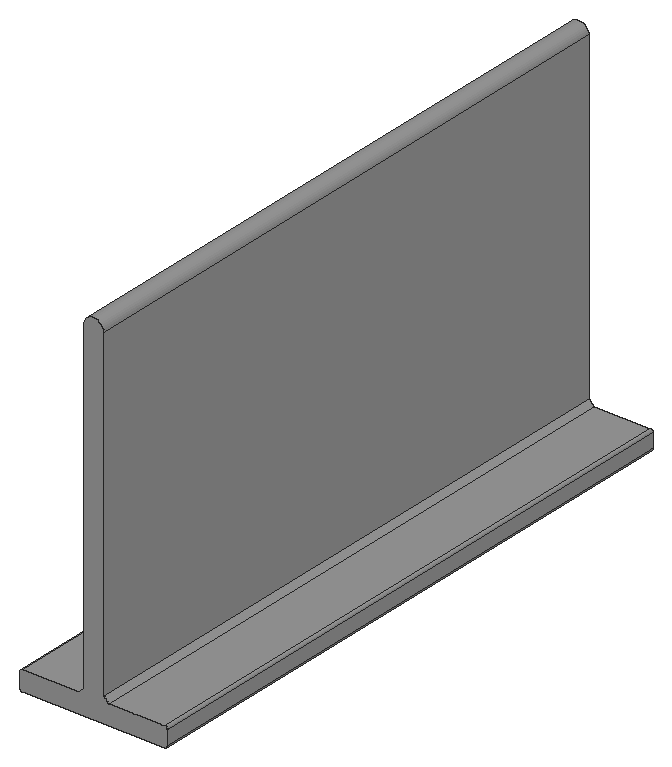
Revit family "ROTHOB_Rothoblaas_Plate_Alumini", category Structural Connections, host Face, Revit 2020
Family settings
  Host = Face
  Material for Model Behavior = Other
  OmniClass Number = 23.13.23.11.19.13
  OmniClass Title = Wood Connectors
  Enable cutting in views = Yes
  Cut with Voids When Loaded = No
  Shared = No
Parameters (values of type "ALUMINI185_185x45x109.90mm")
  WarrantyStartDate [instance] = ""
  WarrantyGuarantorParts = "n/a"  # constant formula
  WarrantyGuarantorLabor = "n/a"  # constant formula
  WarrantyDurationUnit = "n/a"  # constant formula
  WarrantyDurationParts = "n/a"  # constant formula
  WarrantyDurationLabor = "n/a"  # constant formula
  WarrantyDescription = "n/a"  # constant formula
  Version = "2"  # constant formula
  UniClass2015Version = "Products v1.33"  # constant formula
  UniClass2015Title = "Aluminium structural sections"  # constant formula
  UniClass2015Code = "Pr_20_76_51_07"  # constant formula
  Tipo IFC predefinito = "USERDEFINED"  # constant formula
  Thickness_s = 6.00 mm  # constant formula
  SustainabilityPerformance = "n/a"  # constant formula
  Size = "185x45x109.90 mm"
  Shape = "Three-dimensional"  # constant formula
  Revision = "1"  # constant formula
  ReplacementCost = "n/a"  # constant formula
  Default Elevation = 1219.20 mm
  ProductInformation = "https://www.rothoblaas.com/products/fastening/brackets-and-plates/concealed-connections/alumini"  # constant formula
  OmniClassVersion = "2012-05-16"  # constant formula
  OmniClassTitle = "Wood Connectors"  # constant formula
  OmniClassCode = "23-13 23 11 19 13"  # constant formula
  ObjectMaterial = ROTHOB_Rothoblaas_Aluminium
  NominalWidth = WingWidth_LA  # 45.00 mm
  NominalLength = WebLength_LB  # 109.90 mm
  NominalHeight = Height_H  # 185.00 mm
  InstallationDate [instance] = ""
  Height_H = 185.00 mm
  Name = "Plate"  # constant formula
  ModelReference = "n/a"  # constant formula
  ModelNumber = "ALUMINI185"
  ModelDisclaimer = "The latest version of the data sheets can be found on our website"  # constant formula
  MinWeight = "0.416 kg"
  Material = "Aluminium"  # constant formula
  ManufacturerURL = "www.rothoblaas.com"  # constant formula
  ManufacturerName = "ROTHO BLAAS SRL"  # constant formula
  Manufacturer = "info@rothoblaas.com"  # constant formula
  IfcExportType = "USERDEFINED"  # constant formula
  IfcExportAs = "IfcMemberType"  # constant formula
  WingWidth_LA = 45.00 mm  # constant formula
  HasHole_ALUMINI95 = no
  HasHole_ALUMINI65 = no
  HasHole_ALUMINI215 = no
  HasHole_ALUMINI185 = yes
  HasHole_ALUMINI155 = no
  HasHole_ALUMINI125 = no
  Grade = "n/a"  # constant formula
  Finish = "n/a"  # constant formula
  Features = "Bracket for timber-to-timber, timber-to-concrete, timber-to-steel joints"  # constant formula
  ExpectedLife = "50"  # constant formula
  Esporta tipo in formato IFC con nome = "IfcMemberType"  # constant formula
  DurationUnit = "Years"  # constant formula
  Description = "Concealed bracket without holes"  # constant formula
  WebLength_LB = 109.90 mm  # constant formula
  Constituents = "n/a"  # constant formula
  Color = "Silver"  # constant formula
  CodePerformance = "CE - Construction products"  # constant formula
  Category = "Pr_20_76_51_07: Aluminium structural sections"  # constant formula
  CETitle = "n/a"  # constant formula
  CECode = "ETA-09/0361"  # constant formula
  BIMObjectName = "ROTHOB_Rothoblaas_Plate_Alumini"  # constant formula
  Author = "Vitor Ferronato"  # constant formula
  AssetType = "n/a"  # constant formula
  AccessibilityPerformance = "n/a"  # constant formula
Reference planes
  plane 1 "Centro (Fronte/Retro)": y = 0
  plane 2: z = 0
  plane 3 "Centro (Sinistra/Destra)": x = 0
  plane 4: x = -3
  plane 5: x = 3
  plane 6: x = -22.5
  plane 7: x = 22.5
  plane 8: z = 109.9
  plane 9: z = 6
  plane 10: y = -92.5
  plane 11: y = 92.5
Forms (mm)
  Extrusion 1, solid, material "ROTHOB_Rothoblaas_Aluminium" <- "ObjectMaterial", detail levels fine
    sketch origin (0, 0, 0) x (1, 0, 0) y (0, 0, 1)
      loop
        arc (3, 106.906) -> (0, 109.906) -> (-3, 106.906) r 3
        line (-3, 106.906) -> (-3, 7.5) -> (-4.5, 6) -> (-21.7, 6)
        arc (-21.7, 6) -> (-22.266, 5.766) -> (-22.5, 5.2) r 0.8
        line (-22.5, 5.2) -> (-22.5, 0.8)
        arc (-22.5, 0.8) -> (-22.266, 0.234) -> (-21.7, 0) r 0.8
        line (-21.7, 0) -> (21.7, 0)
        arc (21.7, 0) -> (22.266, 0.234) -> (22.5, 0.8) r 0.8
        line (22.5, 0.8) -> (22.5, 5.2)
        arc (22.5, 5.2) -> (22.266, 5.766) -> (21.7, 6) r 0.8
        line (21.7, 6) -> (4.5, 6) -> (3, 7.5) -> (3, 106.906)
    from -92.5 to 92.5
Lines and regions (mm)
  model lines, visible <- "HasHole_ALUMINI65", detail levels medium+fine
    curve 1: circle (-12.5, 15, 6) r 3.5 normal (0, 0, 1)
    curve 2: circle (12.5, 22.5, 6) r 3.5 normal (0, 0, 1)
    curve 3: circle (-12.5, 0, 6) r 3.5 normal (0, 0, 1)
    curve 4: circle (-12.5, -15, 6) r 3.5 normal (0, 0, 1)
    curve 5: circle (12.5, 7.5, 6) r 3.5 normal (0, 0, 1)
    curve 6: circle (12.5, -7.5, 6) r 3.5 normal (0, 0, 1)
    curve 7: circle (12.5, -22.5, 6) r 3.5 normal (0, 0, 1)
  model lines, visible <- "HasHole_ALUMINI65", not visible, detail levels medium+fine
    curve 8: circle (-12.5, 15, 6) r 3.5 normal (0, 0, 1)
    curve 9: circle (12.5, 22.5, 6) r 3.5 normal (0, 0, 1)
    curve 10: circle (-12.5, 0, 6) r 3.5 normal (0, 0, 1)
    curve 11: circle (-12.5, -15, 6) r 3.5 normal (0, 0, 1)
    curve 12: circle (12.5, 7.5, 6) r 3.5 normal (0, 0, 1)
    curve 13: circle (12.5, -7.5, 6) r 3.5 normal (0, 0, 1)
    curve 14: circle (12.5, -22.5, 6) r 3.5 normal (0, 0, 1)
  model lines, visible <- "HasHole_ALUMINI95", detail levels medium+fine
    curve 15: circle (-12.5, 30, 6) r 3.5 normal (0, 0, 1)
    curve 16: circle (-12.5, 15, 6) r 3.5 normal (0, 0, 1)
    curve 17: circle (-12.5, 0, 6) r 3.5 normal (0, 0, 1)
    curve 18: circle (-12.5, -15, 6) r 3.5 normal (0, 0, 1)
    curve 19: circle (-12.5, -30, 6) r 3.5 normal (0, 0, 1)
    curve 20: circle (12.5, 37.5, 6) r 3.5 normal (0, 0, -1)
    curve 21: circle (12.5, 22.5, 6) r 3.5 normal (0, 0, -1)
    curve 22: circle (12.5, 7.5, 6) r 3.5 normal (0, 0, -1)
    curve 23: circle (12.5, -7.5, 6) r 3.5 normal (0, 0, -1)
    curve 24: circle (12.5, -22.5, 6) r 3.5 normal (0, 0, -1)
    curve 25: circle (12.5, -37.5, 6) r 3.5 normal (0, 0, -1)
  model lines, visible <- "HasHole_ALUMINI95", not visible, detail levels medium+fine
    curve 26: circle (-12.5, 30, 6) r 3.5 normal (0, 0, 1)
    curve 27: circle (-12.5, 15, 6) r 3.5 normal (0, 0, 1)
    curve 28: circle (-12.5, 0, 6) r 3.5 normal (0, 0, 1)
    curve 29: circle (-12.5, -15, 6) r 3.5 normal (0, 0, 1)
    curve 30: circle (-12.5, -30, 6) r 3.5 normal (0, 0, 1)
    curve 31: circle (12.5, 37.5, 6) r 3.5 normal (0, 0, -1)
    curve 32: circle (12.5, 22.5, 6) r 3.5 normal (0, 0, -1)
    curve 33: circle (12.5, 7.5, 6) r 3.5 normal (0, 0, -1)
    curve 34: circle (12.5, -7.5, 6) r 3.5 normal (0, 0, -1)
    curve 35: circle (12.5, -22.5, 6) r 3.5 normal (0, 0, -1)
    curve 36: circle (12.5, -37.5, 6) r 3.5 normal (0, 0, -1)
  model lines, visible <- "HasHole_ALUMINI125", detail levels medium+fine
    curve 37: circle (-12.5, 45, 6) r 3.5 normal (0, 0, 1)
    curve 38: circle (-12.5, 30, 6) r 3.5 normal (0, 0, 1)
    curve 39: circle (-12.5, 15, 6) r 3.5 normal (0, 0, 1)
    curve 40: circle (-12.5, 0, 6) r 3.5 normal (0, 0, 1)
    curve 41: circle (-12.5, -15, 6) r 3.5 normal (0, 0, 1)
    curve 42: circle (-12.5, -30, 6) r 3.5 normal (0, 0, 1)
    curve 43: circle (-12.5, -45, 6) r 3.5 normal (0, 0, 1)
    curve 44: circle (12.5, 52.5, 6) r 3.5 normal (0, 0, 1)
    curve 45: circle (12.5, 37.5, 6) r 3.5 normal (0, 0, 1)
    curve 46: circle (12.5, 22.5, 6) r 3.5 normal (0, 0, 1)
    curve 47: circle (12.5, 7.5, 6) r 3.5 normal (0, 0, 1)
    curve 48: circle (12.5, -7.5, 6) r 3.5 normal (0, 0, 1)
    curve 49: circle (12.5, -22.5, 6) r 3.5 normal (0, 0, 1)
    curve 50: circle (12.5, -37.5, 6) r 3.5 normal (0, 0, 1)
    curve 51: circle (12.5, -52.5, 6) r 3.5 normal (0, 0, 1)
  model lines, visible <- "HasHole_ALUMINI125", not visible, detail levels medium+fine
    curve 52: circle (-12.5, 45, 6) r 3.5 normal (0, 0, 1)
    curve 53: circle (-12.5, 30, 6) r 3.5 normal (0, 0, 1)
    curve 54: circle (-12.5, 15, 6) r 3.5 normal (0, 0, 1)
    curve 55: circle (-12.5, 0, 6) r 3.5 normal (0, 0, 1)
    curve 56: circle (-12.5, -15, 6) r 3.5 normal (0, 0, 1)
    curve 57: circle (-12.5, -30, 6) r 3.5 normal (0, 0, 1)
    curve 58: circle (-12.5, -45, 6) r 3.5 normal (0, 0, 1)
    curve 59: circle (12.5, 52.5, 6) r 3.5 normal (0, 0, 1)
    curve 60: circle (12.5, 37.5, 6) r 3.5 normal (0, 0, 1)
    curve 61: circle (12.5, 22.5, 6) r 3.5 normal (0, 0, 1)
    curve 62: circle (12.5, 7.5, 6) r 3.5 normal (0, 0, 1)
    curve 63: circle (12.5, -7.5, 6) r 3.5 normal (0, 0, 1)
    curve 64: circle (12.5, -22.5, 6) r 3.5 normal (0, 0, 1)
    curve 65: circle (12.5, -37.5, 6) r 3.5 normal (0, 0, 1)
    curve 66: circle (12.5, -52.5, 6) r 3.5 normal (0, 0, 1)
  model lines, visible <- "HasHole_ALUMINI155", detail levels medium+fine
    curve 67: circle (-12.5, 60, 6) r 3.5 normal (0, 0, 1)
    curve 68: circle (-12.5, 45, 6) r 3.5 normal (0, 0, 1)
    curve 69: circle (-12.5, 30, 6) r 3.5 normal (0, 0, 1)
    curve 70: circle (-12.5, 15, 6) r 3.5 normal (0, 0, 1)
    curve 71: circle (-12.5, 0, 6) r 3.5 normal (0, 0, 1)
    curve 72: circle (-12.5, -15, 6) r 3.5 normal (0, 0, 1)
    curve 73: circle (-12.5, -30, 6) r 3.5 normal (0, 0, 1)
    curve 74: circle (-12.5, -45, 6) r 3.5 normal (0, 0, 1)
    curve 75: circle (-12.5, -60, 6) r 3.5 normal (0, 0, 1)
    curve 76: circle (12.5, 67.5, 6) r 3.5 normal (0, 0, 1)
    curve 77: circle (12.5, 52.5, 6) r 3.5 normal (0, 0, 1)
    curve 78: circle (12.5, 37.5, 6) r 3.5 normal (0, 0, 1)
    curve 79: circle (12.5, 22.5, 6) r 3.5 normal (0, 0, 1)
    curve 80: circle (12.5, 7.5, 6) r 3.5 normal (0, 0, 1)
    curve 81: circle (12.5, -7.5, 6) r 3.5 normal (0, 0, 1)
    curve 82: circle (12.5, -22.5, 6) r 3.5 normal (0, 0, 1)
    curve 83: circle (12.5, -37.5, 6) r 3.5 normal (0, 0, 1)
    curve 84: circle (12.5, -52.5, 6) r 3.5 normal (0, 0, 1)
    curve 85: circle (12.5, -67.5, 6) r 3.5 normal (0, 0, 1)
  model lines, visible <- "HasHole_ALUMINI155", not visible, detail levels medium+fine
    curve 86: circle (-12.5, 60, 6) r 3.5 normal (0, 0, 1)
    curve 87: circle (-12.5, 45, 6) r 3.5 normal (0, 0, 1)
    curve 88: circle (-12.5, 30, 6) r 3.5 normal (0, 0, 1)
    curve 89: circle (-12.5, 15, 6) r 3.5 normal (0, 0, 1)
    curve 90: circle (-12.5, 0, 6) r 3.5 normal (0, 0, 1)
    curve 91: circle (-12.5, -15, 6) r 3.5 normal (0, 0, 1)
    curve 92: circle (-12.5, -30, 6) r 3.5 normal (0, 0, 1)
    curve 93: circle (-12.5, -45, 6) r 3.5 normal (0, 0, 1)
    curve 94: circle (-12.5, -60, 6) r 3.5 normal (0, 0, 1)
    curve 95: circle (12.5, 67.5, 6) r 3.5 normal (0, 0, 1)
    curve 96: circle (12.5, 52.5, 6) r 3.5 normal (0, 0, 1)
    curve 97: circle (12.5, 37.5, 6) r 3.5 normal (0, 0, 1)
    curve 98: circle (12.5, 22.5, 6) r 3.5 normal (0, 0, 1)
    curve 99: circle (12.5, 7.5, 6) r 3.5 normal (0, 0, 1)
    curve 100: circle (12.5, -7.5, 6) r 3.5 normal (0, 0, 1)
    curve 101: circle (12.5, -22.5, 6) r 3.5 normal (0, 0, 1)
    curve 102: circle (12.5, -37.5, 6) r 3.5 normal (0, 0, 1)
    curve 103: circle (12.5, -52.5, 6) r 3.5 normal (0, 0, 1)
    curve 104: circle (12.5, -67.5, 6) r 3.5 normal (0, 0, 1)
  model lines, visible <- "HasHole_ALUMINI185", detail levels medium+fine
    curve 105: circle (-12.5, 75, 6) r 3.5 normal (0, 0, 1)
    curve 106: circle (-12.5, 60, 6) r 3.5 normal (0, 0, 1)
    curve 107: circle (-12.5, 45, 6) r 3.5 normal (0, 0, 1)
    curve 108: circle (-12.5, 30, 6) r 3.5 normal (0, 0, 1)
    curve 109: circle (-12.5, 15, 6) r 3.5 normal (0, 0, 1)
    curve 110: circle (-12.5, 0, 6) r 3.5 normal (0, 0, 1)
    curve 111: circle (-12.5, -15, 6) r 3.5 normal (0, 0, 1)
    curve 112: circle (-12.5, -30, 6) r 3.5 normal (0, 0, 1)
    curve 113: circle (-12.5, -45, 6) r 3.5 normal (0, 0, 1)
    curve 114: circle (-12.5, -60, 6) r 3.5 normal (0, 0, 1)
    curve 115: circle (-12.5, -75, 6) r 3.5 normal (0, 0, 1)
    curve 116: circle (12.5, 82.5, 6) r 3.5 normal (0, 0, 1)
    curve 117: circle (12.5, 67.5, 6) r 3.5 normal (0, 0, 1)
    curve 118: circle (12.5, 52.5, 6) r 3.5 normal (0, 0, 1)
    curve 119: circle (12.5, 37.5, 6) r 3.5 normal (0, 0, 1)
    curve 120: circle (12.5, 22.5, 6) r 3.5 normal (0, 0, 1)
    curve 121: circle (12.5, 7.5, 6) r 3.5 normal (0, 0, 1)
    curve 122: circle (12.5, -7.5, 6) r 3.5 normal (0, 0, 1)
    curve 123: circle (12.5, -22.5, 6) r 3.5 normal (0, 0, 1)
    curve 124: circle (12.5, -37.5, 6) r 3.5 normal (0, 0, 1)
    curve 125: circle (12.5, -52.5, 6) r 3.5 normal (0, 0, 1)
    curve 126: circle (12.5, -67.5, 6) r 3.5 normal (0, 0, 1)
    curve 127: circle (12.5, -82.5, 6) r 3.5 normal (0, 0, 1)
  model lines, visible <- "HasHole_ALUMINI215", detail levels medium+fine
    curve 128: circle (-12.5, 90, 6) r 3.5 normal (0, 0, 1)
    curve 129: circle (-12.5, 75, 6) r 3.5 normal (0, 0, 1)
    curve 130: circle (-12.5, 60, 6) r 3.5 normal (0, 0, 1)
    curve 131: circle (-12.5, 45, 6) r 3.5 normal (0, 0, 1)
    curve 132: circle (-12.5, 30, 6) r 3.5 normal (0, 0, 1)
    curve 133: circle (-12.5, 15, 6) r 3.5 normal (0, 0, 1)
    curve 134: circle (-12.5, 0, 6) r 3.5 normal (0, 0, 1)
    curve 135: circle (-12.5, -15, 6) r 3.5 normal (0, 0, 1)
    curve 136: circle (-12.5, -30, 6) r 3.5 normal (0, 0, 1)
    curve 137: circle (-12.5, -45, 6) r 3.5 normal (0, 0, 1)
    curve 138: circle (-12.5, -60, 6) r 3.5 normal (0, 0, 1)
    curve 139: circle (-12.5, -75, 6) r 3.5 normal (0, 0, 1)
    curve 140: circle (-12.5, -90, 6) r 3.5 normal (0, 0, 1)
    curve 141: circle (12.5, 97.5, 6) r 3.5 normal (0, 0, 1)
    curve 142: circle (12.5, 82.5, 6) r 3.5 normal (0, 0, 1)
    curve 143: circle (12.5, 67.5, 6) r 3.5 normal (0, 0, 1)
    curve 144: circle (12.5, 52.5, 6) r 3.5 normal (0, 0, 1)
    curve 145: circle (12.5, 37.5, 6) r 3.5 normal (0, 0, 1)
    curve 146: circle (12.5, 22.5, 6) r 3.5 normal (0, 0, 1)
    curve 147: circle (12.5, 7.5, 6) r 3.5 normal (0, 0, 1)
    curve 148: circle (12.5, -7.5, 6) r 3.5 normal (0, 0, 1)
    curve 149: circle (12.5, -22.5, 6) r 3.5 normal (0, 0, 1)
    curve 150: circle (12.5, -37.5, 6) r 3.5 normal (0, 0, 1)
    curve 151: circle (12.5, -52.5, 6) r 3.5 normal (0, 0, 1)
    curve 152: circle (12.5, -67.5, 6) r 3.5 normal (0, 0, 1)
    curve 153: circle (12.5, -82.5, 6) r 3.5 normal (0, 0, 1)
    curve 154: circle (12.5, -97.5, 6) r 3.5 normal (0, 0, 1)
  model lines, visible <- "HasHole_ALUMINI215", not visible, detail levels medium+fine
    curve 155: circle (-12.5, 90, 6) r 3.5 normal (0, 0, 1)
    curve 156: circle (-12.5, 75, 6) r 3.5 normal (0, 0, 1)
    curve 157: circle (-12.5, 60, 6) r 3.5 normal (0, 0, 1)
    curve 158: circle (-12.5, 45, 6) r 3.5 normal (0, 0, 1)
    curve 159: circle (-12.5, 30, 6) r 3.5 normal (0, 0, 1)
    curve 160: circle (-12.5, 15, 6) r 3.5 normal (0, 0, 1)
    curve 161: circle (-12.5, 0, 6) r 3.5 normal (0, 0, 1)
    curve 162: circle (-12.5, -15, 6) r 3.5 normal (0, 0, 1)
    curve 163: circle (-12.5, -30, 6) r 3.5 normal (0, 0, 1)
    curve 164: circle (-12.5, -45, 6) r 3.5 normal (0, 0, 1)
    curve 165: circle (-12.5, -60, 6) r 3.5 normal (0, 0, 1)
    curve 166: circle (-12.5, -75, 6) r 3.5 normal (0, 0, 1)
    curve 167: circle (-12.5, -90, 6) r 3.5 normal (0, 0, 1)
    curve 168: circle (12.5, 97.5, 6) r 3.5 normal (0, 0, 1)
    curve 169: circle (12.5, 82.5, 6) r 3.5 normal (0, 0, 1)
    curve 170: circle (12.5, 67.5, 6) r 3.5 normal (0, 0, 1)
    curve 171: circle (12.5, 52.5, 6) r 3.5 normal (0, 0, 1)
    curve 172: circle (12.5, 37.5, 6) r 3.5 normal (0, 0, 1)
    curve 173: circle (12.5, 22.5, 6) r 3.5 normal (0, 0, 1)
    curve 174: circle (12.5, 7.5, 6) r 3.5 normal (0, 0, 1)
    curve 175: circle (12.5, -7.5, 6) r 3.5 normal (0, 0, 1)
    curve 176: circle (12.5, -22.5, 6) r 3.5 normal (0, 0, 1)
    curve 177: circle (12.5, -37.5, 6) r 3.5 normal (0, 0, 1)
    curve 178: circle (12.5, -52.5, 6) r 3.5 normal (0, 0, 1)
    curve 179: circle (12.5, -67.5, 6) r 3.5 normal (0, 0, 1)
    curve 180: circle (12.5, -82.5, 6) r 3.5 normal (0, 0, 1)
    curve 181: circle (12.5, -97.5, 6) r 3.5 normal (0, 0, 1)
  model lines, visible <- "HasHole_ALUMINI185", not visible, detail levels medium+fine
    curve 182: circle (-12.5, 75, 6) r 3.5 normal (0, 0, 1)
    curve 183: circle (-12.5, 60, 6) r 3.5 normal (0, 0, 1)
    curve 184: circle (-12.5, 45, 6) r 3.5 normal (0, 0, 1)
    curve 185: circle (-12.5, 30, 6) r 3.5 normal (0, 0, 1)
    curve 186: circle (-12.5, 15, 6) r 3.5 normal (0, 0, 1)
    curve 187: circle (-12.5, 0, 6) r 3.5 normal (0, 0, 1)
    curve 188: circle (-12.5, -15, 6) r 3.5 normal (0, 0, 1)
    curve 189: circle (-12.5, -30, 6) r 3.5 normal (0, 0, 1)
    curve 190: circle (-12.5, -45, 6) r 3.5 normal (0, 0, 1)
    curve 191: circle (-12.5, -60, 6) r 3.5 normal (0, 0, 1)
    curve 192: circle (-12.5, -75, 6) r 3.5 normal (0, 0, 1)
    curve 193: circle (12.5, 82.5, 6) r 3.5 normal (0, 0, 1)
    curve 194: circle (12.5, 67.5, 6) r 3.5 normal (0, 0, 1)
    curve 195: circle (12.5, 52.5, 6) r 3.5 normal (0, 0, 1)
    curve 196: circle (12.5, 37.5, 6) r 3.5 normal (0, 0, 1)
    curve 197: circle (12.5, 22.5, 6) r 3.5 normal (0, 0, 1)
    curve 198: circle (12.5, 7.5, 6) r 3.5 normal (0, 0, 1)
    curve 199: circle (12.5, -7.5, 6) r 3.5 normal (0, 0, 1)
    curve 200: circle (12.5, -22.5, 6) r 3.5 normal (0, 0, 1)
    curve 201: circle (12.5, -37.5, 6) r 3.5 normal (0, 0, 1)
    curve 202: circle (12.5, -52.5, 6) r 3.5 normal (0, 0, 1)
    curve 203: circle (12.5, -67.5, 6) r 3.5 normal (0, 0, 1)
    curve 204: circle (12.5, -82.5, 6) r 3.5 normal (0, 0, 1)
  model lines, detail levels medium
    curve 205: line (-3, 92.5, 7.5) -> (-3, 92.5, 106.906)
    curve 206: arc (-3, 92.5, 106.906) -> (0, 92.5, 109.906) -> (3, 92.5, 106.906) r 3
    curve 207: line (3, 92.5, 106.906) -> (3, 92.5, 7.5)
    curve 208: line (3, 92.5, 7.5) -> (4.5, 92.5, 6)
    curve 209: line (4.5, 92.5, 6) -> (21.7, 92.5, 6)
    curve 210: arc (21.7, 92.5, 6) -> (22.266, 92.5, 5.766) -> (22.5, 92.5, 5.2) r 0.8
    curve 211: line (22.5, 92.5, 5.2) -> (22.5, 92.5, 0.8)
    curve 212: arc (22.5, 92.5, 0.8) -> (22.266, 92.5, 0.234) -> (21.7, 92.5, 0) r 0.8
    curve 214: arc (-21.7, 92.5, 0) -> (-22.266, 92.5, 0.234) -> (-22.5, 92.5, 0.8) r 0.8
    curve 215: line (-22.5, 92.5, 0.8) -> (-22.5, 92.5, 5.2)
    curve 216: arc (-22.5, 92.5, 5.2) -> (-22.266, 92.5, 5.766) -> (-21.7, 92.5, 6) r 0.8
    curve 217: line (-21.7, 92.5, 6) -> (-4.5, 92.5, 6)
    curve 218: line (-4.5, 92.5, 6) -> (-3, 92.5, 7.5)
    curve 219: line (-3, -92.5, 106.906) -> (-3, -92.5, 7.5)
    curve 220: line (-3, -92.5, 7.5) -> (-4.5, -92.5, 6)
    curve 221: line (-4.5, -92.5, 6) -> (-21.7, -92.5, 6)
    curve 222: arc (-21.7, -92.5, 6) -> (-22.266, -92.5, 5.766) -> (-22.5, -92.5, 5.2) r 0.8
    curve 223: line (-22.5, -92.5, 5.2) -> (-22.5, -92.5, 0.8)
    curve 224: arc (-22.5, -92.5, 0.8) -> (-22.266, -92.5, 0.234) -> (-21.7, -92.5, 0) r 0.8
    curve 226: arc (21.7, -92.5, 0) -> (22.266, -92.5, 0.234) -> (22.5, -92.5, 0.8) r 0.8
    curve 227: line (22.5, -92.5, 0.8) -> (22.5, -92.5, 5.2)
    curve 228: arc (22.5, -92.5, 5.2) -> (22.266, -92.5, 5.766) -> (21.7, -92.5, 6) r 0.8
    curve 229: line (21.7, -92.5, 6) -> (4.5, -92.5, 6)
    curve 230: line (4.5, -92.5, 6) -> (3, -92.5, 7.5)
    curve 231: line (3, -92.5, 7.5) -> (3, -92.5, 106.906)
    curve 232: arc (3, -92.5, 106.906) -> (0, -92.5, 109.906) -> (-3, -92.5, 106.906) r 3
    curve 235: line (-3, 92.5, 7.5) -> (-3, -92.5, 7.5)
    curve 236: line (-4.5, -92.5, 6) -> (-4.5, 92.5, 6)
    curve 237: line (3, -92.5, 7.5) -> (3, 92.5, 7.5)
    curve 238: line (4.5, 92.5, 6) -> (4.5, -92.5, 6)
    curve 239: line (3, 92.5, 106.906) -> (3, -92.5, 106.906)
    curve 241: line (-3, 92.5, 106.906) -> (-3, -92.5, 106.906)
    curve 242: line (21.7, 92.5, 6) -> (21.7, -92.5, 6)
    curve 243: line (-21.7, 92.5, 6) -> (-21.7, -92.5, 6)
  model lines, detail levels coarse+medium
    curve 213: line (21.7, 92.5, 0) -> (-21.7, 92.5, 0)
    curve 225: line (-21.7, -92.5, 0) -> (21.7, -92.5, 0)
    curve 233: line (-21.7, -92.5, 0) -> (-21.7, 92.5, 0)
    curve 234: line (21.7, 92.5, 0) -> (21.7, -92.5, 0)
    curve 240: line (0, -92.5, 109.906) -> (0, 92.5, 109.906)
  model lines, detail levels coarse
    curve 244: line (0, -92.5, 109.906) -> (0, -92.5, 0)
    curve 245: line (0, 92.5, 109.906) -> (0, 92.5, 0)
    curve 246: line (0, 92.5, 0) -> (0, -92.5, 0)
  model lines, visible <- "HasHole_ALUMINI65"
    curve 247: circle (-12.5, 15, 0) r 3.5 normal (0, 0, 1)
    curve 248: circle (12.5, 22.5, 0) r 3.5 normal (0, 0, 1)
    curve 249: circle (-12.5, 0, 0) r 3.5 normal (0, 0, 1)
    curve 250: circle (-12.5, -15, 0) r 3.5 normal (0, 0, 1)
    curve 251: circle (12.5, 7.5, 0) r 3.5 normal (0, 0, 1)
    curve 252: circle (12.5, -7.5, 0) r 3.5 normal (0, 0, 1)
    curve 253: circle (12.5, -22.5, 0) r 3.5 normal (0, 0, 1)
  model lines, visible <- "HasHole_ALUMINI65", not visible
    curve 254: circle (-12.5, 15, 0) r 3.5 normal (0, 0, 1)
    curve 255: circle (12.5, 22.5, 0) r 3.5 normal (0, 0, 1)
    curve 256: circle (-12.5, 0, 0) r 3.5 normal (0, 0, 1)
    curve 257: circle (-12.5, -15, 0) r 3.5 normal (0, 0, 1)
    curve 258: circle (12.5, 7.5, 0) r 3.5 normal (0, 0, 1)
    curve 259: circle (12.5, -7.5, 0) r 3.5 normal (0, 0, 1)
    curve 260: circle (12.5, -22.5, 0) r 3.5 normal (0, 0, 1)
  model lines, visible <- "HasHole_ALUMINI95"
    curve 261: circle (-12.5, 30, 0) r 3.5 normal (0, 0, 1)
    curve 262: circle (-12.5, 15, 0) r 3.5 normal (0, 0, 1)
    curve 263: circle (-12.5, 0, 0) r 3.5 normal (0, 0, 1)
    curve 264: circle (-12.5, -15, 0) r 3.5 normal (0, 0, 1)
    curve 265: circle (-12.5, -30, 0) r 3.5 normal (0, 0, 1)
    curve 266: circle (12.5, 37.5, 0) r 3.5 normal (0, 0, -1)
    curve 267: circle (12.5, 22.5, 0) r 3.5 normal (0, 0, -1)
    curve 268: circle (12.5, 7.5, 0) r 3.5 normal (0, 0, -1)
    curve 269: circle (12.5, -7.5, 0) r 3.5 normal (0, 0, -1)
    curve 270: circle (12.5, -22.5, 0) r 3.5 normal (0, 0, -1)
    curve 271: circle (12.5, -37.5, 0) r 3.5 normal (0, 0, -1)
  model lines, visible <- "HasHole_ALUMINI95", not visible
    curve 272: circle (-12.5, 30, 0) r 3.5 normal (0, 0, 1)
    curve 273: circle (-12.5, 15, 0) r 3.5 normal (0, 0, 1)
    curve 274: circle (-12.5, 0, 0) r 3.5 normal (0, 0, 1)
    curve 275: circle (-12.5, -15, 0) r 3.5 normal (0, 0, 1)
    curve 276: circle (-12.5, -30, 0) r 3.5 normal (0, 0, 1)
    curve 277: circle (12.5, 37.5, 0) r 3.5 normal (0, 0, -1)
    curve 278: circle (12.5, 22.5, 0) r 3.5 normal (0, 0, -1)
    curve 279: circle (12.5, 7.5, 0) r 3.5 normal (0, 0, -1)
    curve 280: circle (12.5, -7.5, 0) r 3.5 normal (0, 0, -1)
    curve 281: circle (12.5, -22.5, 0) r 3.5 normal (0, 0, -1)
    curve 282: circle (12.5, -37.5, 0) r 3.5 normal (0, 0, -1)
  model lines, visible <- "HasHole_ALUMINI125"
    curve 283: circle (-12.5, 45, 0) r 3.5 normal (0, 0, 1)
    curve 284: circle (-12.5, 30, 0) r 3.5 normal (0, 0, 1)
    curve 285: circle (-12.5, 15, 0) r 3.5 normal (0, 0, 1)
    curve 286: circle (-12.5, 0, 0) r 3.5 normal (0, 0, 1)
    curve 287: circle (-12.5, -15, 0) r 3.5 normal (0, 0, 1)
    curve 288: circle (-12.5, -30, 0) r 3.5 normal (0, 0, 1)
    curve 289: circle (-12.5, -45, 0) r 3.5 normal (0, 0, 1)
    curve 290: circle (12.5, 52.5, 0) r 3.5 normal (0, 0, 1)
    curve 291: circle (12.5, 37.5, 0) r 3.5 normal (0, 0, 1)
    curve 292: circle (12.5, 22.5, 0) r 3.5 normal (0, 0, 1)
    curve 293: circle (12.5, 7.5, 0) r 3.5 normal (0, 0, 1)
    curve 294: circle (12.5, -7.5, 0) r 3.5 normal (0, 0, 1)
    curve 295: circle (12.5, -22.5, 0) r 3.5 normal (0, 0, 1)
    curve 296: circle (12.5, -37.5, 0) r 3.5 normal (0, 0, 1)
    curve 297: circle (12.5, -52.5, 0) r 3.5 normal (0, 0, 1)
  model lines, visible <- "HasHole_ALUMINI125", not visible
    curve 298: circle (-12.5, 45, 0) r 3.5 normal (0, 0, 1)
    curve 299: circle (-12.5, 30, 0) r 3.5 normal (0, 0, 1)
    curve 300: circle (-12.5, 15, 0) r 3.5 normal (0, 0, 1)
    curve 301: circle (-12.5, 0, 0) r 3.5 normal (0, 0, 1)
    curve 302: circle (-12.5, -15, 0) r 3.5 normal (0, 0, 1)
    curve 303: circle (-12.5, -30, 0) r 3.5 normal (0, 0, 1)
    curve 304: circle (-12.5, -45, 0) r 3.5 normal (0, 0, 1)
    curve 305: circle (12.5, 52.5, 0) r 3.5 normal (0, 0, 1)
    curve 306: circle (12.5, 37.5, 0) r 3.5 normal (0, 0, 1)
    curve 307: circle (12.5, 22.5, 0) r 3.5 normal (0, 0, 1)
    curve 308: circle (12.5, 7.5, 0) r 3.5 normal (0, 0, 1)
    curve 309: circle (12.5, -7.5, 0) r 3.5 normal (0, 0, 1)
    curve 310: circle (12.5, -22.5, 0) r 3.5 normal (0, 0, 1)
    curve 311: circle (12.5, -37.5, 0) r 3.5 normal (0, 0, 1)
    curve 312: circle (12.5, -52.5, 0) r 3.5 normal (0, 0, 1)
  model lines, visible <- "HasHole_ALUMINI155"
    curve 313: circle (-12.5, 60, 0) r 3.5 normal (0, 0, 1)
    curve 314: circle (-12.5, 45, 0) r 3.5 normal (0, 0, 1)
    curve 315: circle (-12.5, 30, 0) r 3.5 normal (0, 0, 1)
    curve 316: circle (-12.5, 15, 0) r 3.5 normal (0, 0, 1)
    curve 317: circle (-12.5, 0, 0) r 3.5 normal (0, 0, 1)
    curve 318: circle (-12.5, -15, 0) r 3.5 normal (0, 0, 1)
    curve 319: circle (-12.5, -30, 0) r 3.5 normal (0, 0, 1)
    curve 320: circle (-12.5, -45, 0) r 3.5 normal (0, 0, 1)
    curve 321: circle (-12.5, -60, 0) r 3.5 normal (0, 0, 1)
    curve 322: circle (12.5, 67.5, 0) r 3.5 normal (0, 0, 1)
    curve 323: circle (12.5, 52.5, 0) r 3.5 normal (0, 0, 1)
    curve 324: circle (12.5, 37.5, 0) r 3.5 normal (0, 0, 1)
    curve 325: circle (12.5, 22.5, 0) r 3.5 normal (0, 0, 1)
    curve 326: circle (12.5, 7.5, 0) r 3.5 normal (0, 0, 1)
    curve 327: circle (12.5, -7.5, 0) r 3.5 normal (0, 0, 1)
    curve 328: circle (12.5, -22.5, 0) r 3.5 normal (0, 0, 1)
    curve 329: circle (12.5, -37.5, 0) r 3.5 normal (0, 0, 1)
    curve 330: circle (12.5, -52.5, 0) r 3.5 normal (0, 0, 1)
    curve 331: circle (12.5, -67.5, 0) r 3.5 normal (0, 0, 1)
  model lines, visible <- "HasHole_ALUMINI155", not visible
    curve 332: circle (-12.5, 60, 0) r 3.5 normal (0, 0, 1)
    curve 333: circle (-12.5, 45, 0) r 3.5 normal (0, 0, 1)
    curve 334: circle (-12.5, 30, 0) r 3.5 normal (0, 0, 1)
    curve 335: circle (-12.5, 15, 0) r 3.5 normal (0, 0, 1)
    curve 336: circle (-12.5, 0, 0) r 3.5 normal (0, 0, 1)
    curve 337: circle (-12.5, -15, 0) r 3.5 normal (0, 0, 1)
    curve 338: circle (-12.5, -30, 0) r 3.5 normal (0, 0, 1)
    curve 339: circle (-12.5, -45, 0) r 3.5 normal (0, 0, 1)
    curve 340: circle (-12.5, -60, 0) r 3.5 normal (0, 0, 1)
    curve 341: circle (12.5, 67.5, 0) r 3.5 normal (0, 0, 1)
    curve 342: circle (12.5, 52.5, 0) r 3.5 normal (0, 0, 1)
    curve 343: circle (12.5, 37.5, 0) r 3.5 normal (0, 0, 1)
    curve 344: circle (12.5, 22.5, 0) r 3.5 normal (0, 0, 1)
    curve 345: circle (12.5, 7.5, 0) r 3.5 normal (0, 0, 1)
    curve 346: circle (12.5, -7.5, 0) r 3.5 normal (0, 0, 1)
    curve 347: circle (12.5, -22.5, 0) r 3.5 normal (0, 0, 1)
    curve 348: circle (12.5, -37.5, 0) r 3.5 normal (0, 0, 1)
    curve 349: circle (12.5, -52.5, 0) r 3.5 normal (0, 0, 1)
    curve 350: circle (12.5, -67.5, 0) r 3.5 normal (0, 0, 1)
  model lines, visible <- "HasHole_ALUMINI185"
    curve 351: circle (-12.5, 75, 0) r 3.5 normal (0, 0, 1)
    curve 352: circle (-12.5, 60, 0) r 3.5 normal (0, 0, 1)
    curve 353: circle (-12.5, 45, 0) r 3.5 normal (0, 0, 1)
    curve 354: circle (-12.5, 30, 0) r 3.5 normal (0, 0, 1)
    curve 355: circle (-12.5, 15, 0) r 3.5 normal (0, 0, 1)
    curve 356: circle (-12.5, 0, 0) r 3.5 normal (0, 0, 1)
    curve 357: circle (-12.5, -15, 0) r 3.5 normal (0, 0, 1)
    curve 358: circle (-12.5, -30, 0) r 3.5 normal (0, 0, 1)
    curve 359: circle (-12.5, -45, 0) r 3.5 normal (0, 0, 1)
    curve 360: circle (-12.5, -60, 0) r 3.5 normal (0, 0, 1)
    curve 361: circle (-12.5, -75, 0) r 3.5 normal (0, 0, 1)
    curve 362: circle (12.5, 82.5, 0) r 3.5 normal (0, 0, 1)
    curve 363: circle (12.5, 67.5, 0) r 3.5 normal (0, 0, 1)
    curve 364: circle (12.5, 52.5, 0) r 3.5 normal (0, 0, 1)
    curve 365: circle (12.5, 37.5, 0) r 3.5 normal (0, 0, 1)
    curve 366: circle (12.5, 22.5, 0) r 3.5 normal (0, 0, 1)
    curve 367: circle (12.5, 7.5, 0) r 3.5 normal (0, 0, 1)
    curve 368: circle (12.5, -7.5, 0) r 3.5 normal (0, 0, 1)
    curve 369: circle (12.5, -22.5, 0) r 3.5 normal (0, 0, 1)
    curve 370: circle (12.5, -37.5, 0) r 3.5 normal (0, 0, 1)
    curve 371: circle (12.5, -52.5, 0) r 3.5 normal (0, 0, 1)
    curve 372: circle (12.5, -67.5, 0) r 3.5 normal (0, 0, 1)
    curve 373: circle (12.5, -82.5, 0) r 3.5 normal (0, 0, 1)
  model lines, visible <- "HasHole_ALUMINI185", not visible
    curve 374: circle (-12.5, 75, 0) r 3.5 normal (0, 0, 1)
    curve 375: circle (-12.5, 60, 0) r 3.5 normal (0, 0, 1)
    curve 376: circle (-12.5, 45, 0) r 3.5 normal (0, 0, 1)
    curve 377: circle (-12.5, 30, 0) r 3.5 normal (0, 0, 1)
    curve 378: circle (-12.5, 15, 0) r 3.5 normal (0, 0, 1)
    curve 379: circle (-12.5, 0, 0) r 3.5 normal (0, 0, 1)
    curve 380: circle (-12.5, -15, 0) r 3.5 normal (0, 0, 1)
    curve 381: circle (-12.5, -30, 0) r 3.5 normal (0, 0, 1)
    curve 382: circle (-12.5, -45, 0) r 3.5 normal (0, 0, 1)
    curve 383: circle (-12.5, -60, 0) r 3.5 normal (0, 0, 1)
    curve 384: circle (-12.5, -75, 0) r 3.5 normal (0, 0, 1)
    curve 385: circle (12.5, 82.5, 0) r 3.5 normal (0, 0, 1)
    curve 386: circle (12.5, 67.5, 0) r 3.5 normal (0, 0, 1)
    curve 387: circle (12.5, 52.5, 0) r 3.5 normal (0, 0, 1)
    curve 388: circle (12.5, 37.5, 0) r 3.5 normal (0, 0, 1)
    curve 389: circle (12.5, 22.5, 0) r 3.5 normal (0, 0, 1)
    curve 390: circle (12.5, 7.5, 0) r 3.5 normal (0, 0, 1)
    curve 391: circle (12.5, -7.5, 0) r 3.5 normal (0, 0, 1)
    curve 392: circle (12.5, -22.5, 0) r 3.5 normal (0, 0, 1)
    curve 393: circle (12.5, -37.5, 0) r 3.5 normal (0, 0, 1)
    curve 394: circle (12.5, -52.5, 0) r 3.5 normal (0, 0, 1)
    curve 395: circle (12.5, -67.5, 0) r 3.5 normal (0, 0, 1)
    curve 396: circle (12.5, -82.5, 0) r 3.5 normal (0, 0, 1)
  model lines, visible <- "HasHole_ALUMINI215"
    curve 397: circle (-12.5, 90, 0) r 3.5 normal (0, 0, 1)
    curve 398: circle (-12.5, 75, 0) r 3.5 normal (0, 0, 1)
    curve 399: circle (-12.5, 60, 0) r 3.5 normal (0, 0, 1)
    curve 400: circle (-12.5, 45, 0) r 3.5 normal (0, 0, 1)
    curve 401: circle (-12.5, 30, 0) r 3.5 normal (0, 0, 1)
    curve 402: circle (-12.5, 15, 0) r 3.5 normal (0, 0, 1)
    curve 403: circle (-12.5, 0, 0) r 3.5 normal (0, 0, 1)
    curve 404: circle (-12.5, -15, 0) r 3.5 normal (0, 0, 1)
    curve 405: circle (-12.5, -30, 0) r 3.5 normal (0, 0, 1)
    curve 406: circle (-12.5, -45, 0) r 3.5 normal (0, 0, 1)
    curve 407: circle (-12.5, -60, 0) r 3.5 normal (0, 0, 1)
    curve 408: circle (-12.5, -75, 0) r 3.5 normal (0, 0, 1)
    curve 409: circle (-12.5, -90, 0) r 3.5 normal (0, 0, 1)
    curve 410: circle (12.5, 97.5, 0) r 3.5 normal (0, 0, 1)
    curve 411: circle (12.5, 82.5, 0) r 3.5 normal (0, 0, 1)
    curve 412: circle (12.5, 67.5, 0) r 3.5 normal (0, 0, 1)
    curve 413: circle (12.5, 52.5, 0) r 3.5 normal (0, 0, 1)
    curve 414: circle (12.5, 37.5, 0) r 3.5 normal (0, 0, 1)
    curve 415: circle (12.5, 22.5, 0) r 3.5 normal (0, 0, 1)
    curve 416: circle (12.5, 7.5, 0) r 3.5 normal (0, 0, 1)
    curve 417: circle (12.5, -7.5, 0) r 3.5 normal (0, 0, 1)
    curve 418: circle (12.5, -22.5, 0) r 3.5 normal (0, 0, 1)
    curve 419: circle (12.5, -37.5, 0) r 3.5 normal (0, 0, 1)
    curve 420: circle (12.5, -52.5, 0) r 3.5 normal (0, 0, 1)
    curve 421: circle (12.5, -67.5, 0) r 3.5 normal (0, 0, 1)
    curve 422: circle (12.5, -82.5, 0) r 3.5 normal (0, 0, 1)
    curve 423: circle (12.5, -97.5, 0) r 3.5 normal (0, 0, 1)
  model lines, visible <- "HasHole_ALUMINI215", not visible
    curve 424: circle (-12.5, 90, 0) r 3.5 normal (0, 0, 1)
    curve 425: circle (-12.5, 75, 0) r 3.5 normal (0, 0, 1)
    curve 426: circle (-12.5, 60, 0) r 3.5 normal (0, 0, 1)
    curve 427: circle (-12.5, 45, 0) r 3.5 normal (0, 0, 1)
    curve 428: circle (-12.5, 30, 0) r 3.5 normal (0, 0, 1)
    curve 429: circle (-12.5, 15, 0) r 3.5 normal (0, 0, 1)
    curve 430: circle (-12.5, 0, 0) r 3.5 normal (0, 0, 1)
    curve 431: circle (-12.5, -15, 0) r 3.5 normal (0, 0, 1)
    curve 432: circle (-12.5, -30, 0) r 3.5 normal (0, 0, 1)
    curve 433: circle (-12.5, -45, 0) r 3.5 normal (0, 0, 1)
    curve 434: circle (-12.5, -60, 0) r 3.5 normal (0, 0, 1)
    curve 435: circle (-12.5, -75, 0) r 3.5 normal (0, 0, 1)
    curve 436: circle (-12.5, -90, 0) r 3.5 normal (0, 0, 1)
    curve 437: circle (12.5, 97.5, 0) r 3.5 normal (0, 0, 1)
    curve 438: circle (12.5, 82.5, 0) r 3.5 normal (0, 0, 1)
    curve 439: circle (12.5, 67.5, 0) r 3.5 normal (0, 0, 1)
    curve 440: circle (12.5, 52.5, 0) r 3.5 normal (0, 0, 1)
    curve 441: circle (12.5, 37.5, 0) r 3.5 normal (0, 0, 1)
    curve 442: circle (12.5, 22.5, 0) r 3.5 normal (0, 0, 1)
    curve 443: circle (12.5, 7.5, 0) r 3.5 normal (0, 0, 1)
    curve 444: circle (12.5, -7.5, 0) r 3.5 normal (0, 0, 1)
    curve 445: circle (12.5, -22.5, 0) r 3.5 normal (0, 0, 1)
    curve 446: circle (12.5, -37.5, 0) r 3.5 normal (0, 0, 1)
    curve 447: circle (12.5, -52.5, 0) r 3.5 normal (0, 0, 1)
    curve 448: circle (12.5, -67.5, 0) r 3.5 normal (0, 0, 1)
    curve 449: circle (12.5, -82.5, 0) r 3.5 normal (0, 0, 1)
    curve 450: circle (12.5, -97.5, 0) r 3.5 normal (0, 0, 1)
Dimensions and locks
  equal spacing: host sketch curve, plane 3 "Centro (Sinistra/Destra)", host sketch curve
  host sketch curve to host sketch curve = 62.385 mm
  equal spacing: host sketch curve, plane 1 "Centro (Fronte/Retro)", host sketch curve
  host sketch curve to host sketch curve = 235.00 mm
  equal spacing: plane 5, plane 3 "Centro (Sinistra/Destra)", plane 4
  "Thickness_s": plane 4 to plane 5
  equal spacing: plane 7, plane 3 "Centro (Sinistra/Destra)", plane 6
  "WingWidth_LA": plane 7 to plane 6
  "WebLength_LB": plane 8 to plane 2
  "Thickness_s": plane 9 to plane 2
  "Height_H": plane 10 to plane 11
  equal spacing: plane 10, plane 1 "Centro (Fronte/Retro)", plane 11
  aligned and locked: plane 2 to host face
  aligned and locked: level to host face
  aligned and locked: plane 5 to Extrusion 1 sketch curve
  aligned and locked: Extrusion 1 sketch curve to plane 4
  aligned and locked: plane 7 to Extrusion 1 sketch curve
  aligned and locked: Extrusion 1 sketch curve to plane 6
  aligned and locked: Extrusion 1 sketch curve to plane 2
  aligned and locked: Extrusion 1 sketch curve to plane 9
  aligned and locked: Extrusion 1 to plane 11
  aligned and locked: Extrusion 1 to plane 10
  aligned and locked: curve 206 to Extrusion 1
  aligned and locked: curve 233 to Extrusion 1
  aligned and locked: curve 234 to Extrusion 1
  aligned and locked: curve 235 to Extrusion 1
  aligned and locked: curve 236 to Extrusion 1
  aligned and locked: curve 237 to Extrusion 1
  aligned and locked: curve 238 to Extrusion 1
Automatic sketch dimensions
  Extrusion 1 sketch curve to plane 9 = 0.00 mm
  plane 6 to Extrusion 1 sketch curve = 0.80 mm
  Extrusion 1 sketch curve to Extrusion 1 sketch curve = 0.80 mm  (x2)
  Extrusion 1 sketch curve to plane 4 = 1.50 mm
  Extrusion 1 sketch curve to plane 5 = 1.50 mm
  plane 7 to Extrusion 1 sketch curve = 0.80 mm
  plane 9 to Extrusion 1 sketch curve = 1.50 mm  (x2)
  Extrusion 1 sketch curve to plane 8 = 2.994 mm
  curve 4 to curve 3 = 0.00 mm
  curve 1 to curve 3 = 0.00 mm
  curve 4 to curve 3 = 15.00 mm
  curve 3 to curve 1 = 15.00 mm
  curve 6 to curve 5 = 0.00 mm
  curve 7 to curve 6 = 0.00 mm
  curve 2 to curve 5 = 0.00 mm
  curve 7 to curve 6 = 15.00 mm
  curve 6 to curve 5 = 15.00 mm
  curve 5 to curve 2 = 15.00 mm
  curve 249 to curve 250 = 0.00 mm
  curve 247 to curve 249 = 0.00 mm
  curve 249 to curve 251 = 25.00 mm
  curve 252 to curve 251 = 0.00 mm
  curve 253 to curve 252 = 0.00 mm
  curve 248 to curve 251 = 0.00 mm
  curve 253 to curve 250 = 7.50 mm
  curve 253 to curve 252 = 15.00 mm
  curve 250 to curve 249 = 15.00 mm
  curve 252 to curve 251 = 15.00 mm
  curve 249 to curve 247 = 15.00 mm
  curve 251 to curve 248 = 15.00 mm
  curve 11 to curve 10 = 0.00 mm
  curve 8 to curve 10 = 0.00 mm
  curve 11 to curve 10 = 15.00 mm
  curve 10 to curve 8 = 15.00 mm
  curve 13 to curve 12 = 0.00 mm
  curve 14 to curve 13 = 0.00 mm
  curve 9 to curve 12 = 0.00 mm
  curve 14 to curve 13 = 15.00 mm
  curve 13 to curve 12 = 15.00 mm
  curve 12 to curve 9 = 15.00 mm
  curve 256 to curve 257 = 0.00 mm
  curve 254 to curve 256 = 0.00 mm
  curve 256 to curve 258 = 25.00 mm
  curve 259 to curve 258 = 0.00 mm
  curve 260 to curve 259 = 0.00 mm
  curve 255 to curve 258 = 0.00 mm
  curve 260 to curve 257 = 7.50 mm
  curve 260 to curve 259 = 15.00 mm
  curve 257 to curve 256 = 15.00 mm
  curve 259 to curve 258 = 15.00 mm
  curve 256 to curve 254 = 15.00 mm
  curve 258 to curve 255 = 15.00 mm
  curve 17 to curve 16 = 0.00 mm
  curve 18 to curve 17 = 0.00 mm
  curve 19 to curve 18 = 0.00 mm
  curve 15 to curve 16 = 0.00 mm
  curve 19 to curve 18 = 15.00 mm
  curve 18 to curve 17 = 15.00 mm
  curve 17 to curve 16 = 15.00 mm
  curve 16 to curve 15 = 15.00 mm
  curve 22 to curve 21 = 0.00 mm
  curve 23 to curve 22 = 0.00 mm
  curve 24 to curve 23 = 0.00 mm
  curve 25 to curve 24 = 0.00 mm
  curve 20 to curve 21 = 0.00 mm
  curve 25 to curve 24 = 15.00 mm
  curve 24 to curve 23 = 15.00 mm
  curve 23 to curve 22 = 15.00 mm
  curve 22 to curve 21 = 15.00 mm
  curve 21 to curve 20 = 15.00 mm
  curve 263 to curve 262 = 0.00 mm
  curve 264 to curve 263 = 0.00 mm
  curve 265 to curve 264 = 0.00 mm
  curve 261 to curve 262 = 0.00 mm
  curve 261 to curve 266 = 25.00 mm
  curve 267 to curve 266 = 0.00 mm
  curve 268 to curve 267 = 0.00 mm
  curve 269 to curve 268 = 0.00 mm
  curve 270 to curve 269 = 0.00 mm
  curve 271 to curve 270 = 0.00 mm
  curve 271 to curve 265 = 7.50 mm
  curve 271 to curve 270 = 15.00 mm
  curve 265 to curve 264 = 15.00 mm
  curve 270 to curve 269 = 15.00 mm
  curve 264 to curve 263 = 15.00 mm
  curve 269 to curve 268 = 15.00 mm
  curve 263 to curve 262 = 15.00 mm
  curve 268 to curve 267 = 15.00 mm
  curve 262 to curve 261 = 15.00 mm
  curve 267 to curve 266 = 15.00 mm
  curve 28 to curve 27 = 0.00 mm
  curve 29 to curve 28 = 0.00 mm
  curve 30 to curve 29 = 0.00 mm
  curve 26 to curve 27 = 0.00 mm
  curve 30 to curve 29 = 15.00 mm
  curve 29 to curve 28 = 15.00 mm
  curve 28 to curve 27 = 15.00 mm
  curve 27 to curve 26 = 15.00 mm
  curve 33 to curve 32 = 0.00 mm
  curve 34 to curve 33 = 0.00 mm
  curve 35 to curve 34 = 0.00 mm
  curve 36 to curve 35 = 0.00 mm
  curve 31 to curve 32 = 0.00 mm
  curve 36 to curve 35 = 15.00 mm
  curve 35 to curve 34 = 15.00 mm
  curve 34 to curve 33 = 15.00 mm
  curve 33 to curve 32 = 15.00 mm
  curve 32 to curve 31 = 15.00 mm
  curve 274 to curve 273 = 0.00 mm
  curve 275 to curve 274 = 0.00 mm
  curve 276 to curve 275 = 0.00 mm
  curve 272 to curve 273 = 0.00 mm
  curve 272 to curve 277 = 25.00 mm
  curve 278 to curve 277 = 0.00 mm
  curve 279 to curve 278 = 0.00 mm
  curve 280 to curve 279 = 0.00 mm
  curve 281 to curve 280 = 0.00 mm
  curve 282 to curve 281 = 0.00 mm
  curve 282 to curve 276 = 7.50 mm
  curve 282 to curve 281 = 15.00 mm
  curve 276 to curve 275 = 15.00 mm
  curve 281 to curve 280 = 15.00 mm
  curve 275 to curve 274 = 15.00 mm
  curve 280 to curve 279 = 15.00 mm
  curve 274 to curve 273 = 15.00 mm
  curve 279 to curve 278 = 15.00 mm
  curve 273 to curve 272 = 15.00 mm
  curve 278 to curve 277 = 15.00 mm
  curve 39 to curve 38 = 0.00 mm
  curve 40 to curve 39 = 0.00 mm
  curve 41 to curve 40 = 0.00 mm
  curve 42 to curve 41 = 0.00 mm
  curve 43 to curve 42 = 0.00 mm
  curve 37 to curve 38 = 0.00 mm
  curve 43 to curve 42 = 15.00 mm
  curve 42 to curve 41 = 15.00 mm
  curve 41 to curve 40 = 15.00 mm
  curve 40 to curve 39 = 15.00 mm
  curve 39 to curve 38 = 15.00 mm
  curve 38 to curve 37 = 15.00 mm
  curve 46 to curve 45 = 0.00 mm
  curve 47 to curve 46 = 0.00 mm
  curve 48 to curve 47 = 0.00 mm
  curve 49 to curve 48 = 0.00 mm
  curve 50 to curve 49 = 0.00 mm
  curve 51 to curve 50 = 0.00 mm
  curve 44 to curve 45 = 0.00 mm
  curve 51 to curve 50 = 15.00 mm
  curve 50 to curve 49 = 15.00 mm
  curve 49 to curve 48 = 15.00 mm
  curve 48 to curve 47 = 15.00 mm
  curve 47 to curve 46 = 15.00 mm
  curve 46 to curve 45 = 15.00 mm
  curve 45 to curve 44 = 15.00 mm
  curve 285 to curve 284 = 0.00 mm
  curve 286 to curve 285 = 0.00 mm
  curve 287 to curve 286 = 0.00 mm
  curve 288 to curve 287 = 0.00 mm
  curve 289 to curve 288 = 0.00 mm
  curve 283 to curve 284 = 0.00 mm
  curve 283 to curve 290 = 25.00 mm
  curve 291 to curve 290 = 0.00 mm
  curve 292 to curve 291 = 0.00 mm
  curve 293 to curve 292 = 0.00 mm
  curve 294 to curve 293 = 0.00 mm
  curve 295 to curve 294 = 0.00 mm
  curve 296 to curve 295 = 0.00 mm
  curve 297 to curve 296 = 0.00 mm
  curve 297 to curve 289 = 7.50 mm
  curve 297 to curve 296 = 15.00 mm
  curve 289 to curve 288 = 15.00 mm
  curve 296 to curve 295 = 15.00 mm
  curve 288 to curve 287 = 15.00 mm
  curve 295 to curve 294 = 15.00 mm
  curve 287 to curve 286 = 15.00 mm
  curve 294 to curve 293 = 15.00 mm
  curve 286 to curve 285 = 15.00 mm
  curve 293 to curve 292 = 15.00 mm
  curve 285 to curve 284 = 15.00 mm
  curve 292 to curve 291 = 15.00 mm
  curve 284 to curve 283 = 15.00 mm
  curve 291 to curve 290 = 15.00 mm
  curve 54 to curve 53 = 0.00 mm
  curve 55 to curve 54 = 0.00 mm
  curve 56 to curve 55 = 0.00 mm
  curve 57 to curve 56 = 0.00 mm
  curve 58 to curve 57 = 0.00 mm
  curve 52 to curve 53 = 0.00 mm
  curve 58 to curve 57 = 15.00 mm
  curve 57 to curve 56 = 15.00 mm
  curve 56 to curve 55 = 15.00 mm
  curve 55 to curve 54 = 15.00 mm
  curve 54 to curve 53 = 15.00 mm
  curve 53 to curve 52 = 15.00 mm
  curve 61 to curve 60 = 0.00 mm
  curve 62 to curve 61 = 0.00 mm
  curve 63 to curve 62 = 0.00 mm
  curve 64 to curve 63 = 0.00 mm
  curve 65 to curve 64 = 0.00 mm
  curve 66 to curve 65 = 0.00 mm
  curve 59 to curve 60 = 0.00 mm
  curve 66 to curve 65 = 15.00 mm
  curve 65 to curve 64 = 15.00 mm
  curve 64 to curve 63 = 15.00 mm
  curve 63 to curve 62 = 15.00 mm
  curve 62 to curve 61 = 15.00 mm
  curve 61 to curve 60 = 15.00 mm
  curve 60 to curve 59 = 15.00 mm
  curve 300 to curve 299 = 0.00 mm
  curve 301 to curve 300 = 0.00 mm
  curve 302 to curve 301 = 0.00 mm
  curve 303 to curve 302 = 0.00 mm
  curve 304 to curve 303 = 0.00 mm
  curve 298 to curve 299 = 0.00 mm
  curve 298 to curve 305 = 25.00 mm
  curve 306 to curve 305 = 0.00 mm
  curve 307 to curve 306 = 0.00 mm
  curve 308 to curve 307 = 0.00 mm
  curve 309 to curve 308 = 0.00 mm
  curve 310 to curve 309 = 0.00 mm
  curve 311 to curve 310 = 0.00 mm
  curve 312 to curve 311 = 0.00 mm
  curve 312 to curve 304 = 7.50 mm
  curve 312 to curve 311 = 15.00 mm
  curve 304 to curve 303 = 15.00 mm
  curve 311 to curve 310 = 15.00 mm
  curve 303 to curve 302 = 15.00 mm
  curve 310 to curve 309 = 15.00 mm
  curve 302 to curve 301 = 15.00 mm
  curve 309 to curve 308 = 15.00 mm
  curve 301 to curve 300 = 15.00 mm
  curve 308 to curve 307 = 15.00 mm
  curve 300 to curve 299 = 15.00 mm
  curve 307 to curve 306 = 15.00 mm
  curve 299 to curve 298 = 15.00 mm
  curve 306 to curve 305 = 15.00 mm
  curve 68 to curve 67 = 0.00 mm
  curve 69 to curve 68 = 0.00 mm
  curve 70 to curve 69 = 0.00 mm
  curve 71 to curve 70 = 0.00 mm
  curve 72 to curve 71 = 0.00 mm
  curve 73 to curve 72 = 0.00 mm
  curve 74 to curve 73 = 0.00 mm
  curve 75 to curve 74 = 0.00 mm
  curve 75 to curve 74 = 15.00 mm
  curve 74 to curve 73 = 15.00 mm
  curve 73 to curve 72 = 15.00 mm
  curve 72 to curve 71 = 15.00 mm
  curve 71 to curve 70 = 15.00 mm
  curve 70 to curve 69 = 15.00 mm
  curve 69 to curve 68 = 15.00 mm
  curve 68 to curve 67 = 15.00 mm
  curve 77 to curve 76 = 0.00 mm
  curve 78 to curve 77 = 0.00 mm
  curve 79 to curve 78 = 0.00 mm
  curve 80 to curve 79 = 0.00 mm
  curve 81 to curve 80 = 0.00 mm
  curve 82 to curve 81 = 0.00 mm
  curve 83 to curve 82 = 0.00 mm
  curve 84 to curve 83 = 0.00 mm
  curve 85 to curve 84 = 0.00 mm
  curve 85 to curve 84 = 15.00 mm
  curve 84 to curve 83 = 15.00 mm
  curve 83 to curve 82 = 15.00 mm
  curve 82 to curve 81 = 15.00 mm
  curve 81 to curve 80 = 15.00 mm
  curve 80 to curve 79 = 15.00 mm
  curve 79 to curve 78 = 15.00 mm
  curve 78 to curve 77 = 15.00 mm
  curve 77 to curve 76 = 15.00 mm
  curve 314 to curve 313 = 0.00 mm
  curve 315 to curve 314 = 0.00 mm
  curve 316 to curve 315 = 0.00 mm
  curve 317 to curve 316 = 0.00 mm
  curve 318 to curve 317 = 0.00 mm
  curve 319 to curve 318 = 0.00 mm
  curve 320 to curve 319 = 0.00 mm
  curve 321 to curve 320 = 0.00 mm
  curve 313 to curve 322 = 25.00 mm
  curve 323 to curve 322 = 0.00 mm
  curve 324 to curve 323 = 0.00 mm
  curve 325 to curve 324 = 0.00 mm
  curve 326 to curve 325 = 0.00 mm
  curve 327 to curve 326 = 0.00 mm
  curve 328 to curve 327 = 0.00 mm
  curve 329 to curve 328 = 0.00 mm
  curve 330 to curve 329 = 0.00 mm
  curve 331 to curve 330 = 0.00 mm
  curve 331 to curve 321 = 7.50 mm
  curve 331 to curve 330 = 15.00 mm
  curve 321 to curve 320 = 15.00 mm
  curve 330 to curve 329 = 15.00 mm
  curve 320 to curve 319 = 15.00 mm
  curve 329 to curve 328 = 15.00 mm
  curve 319 to curve 318 = 15.00 mm
  curve 328 to curve 327 = 15.00 mm
  curve 318 to curve 317 = 15.00 mm
  curve 327 to curve 326 = 15.00 mm
  curve 317 to curve 316 = 15.00 mm
  curve 326 to curve 325 = 15.00 mm
  curve 316 to curve 315 = 15.00 mm
  curve 325 to curve 324 = 15.00 mm
  curve 315 to curve 314 = 15.00 mm
  curve 324 to curve 323 = 15.00 mm
  curve 314 to curve 313 = 15.00 mm
  curve 323 to curve 322 = 15.00 mm
  curve 87 to curve 86 = 0.00 mm
  curve 88 to curve 87 = 0.00 mm
  curve 89 to curve 88 = 0.00 mm
  curve 90 to curve 89 = 0.00 mm
  curve 91 to curve 90 = 0.00 mm
  curve 92 to curve 91 = 0.00 mm
  curve 93 to curve 92 = 0.00 mm
  curve 94 to curve 93 = 0.00 mm
  curve 94 to curve 93 = 15.00 mm
  curve 93 to curve 92 = 15.00 mm
  curve 92 to curve 91 = 15.00 mm
  curve 91 to curve 90 = 15.00 mm
  curve 90 to curve 89 = 15.00 mm
  curve 89 to curve 88 = 15.00 mm
  curve 88 to curve 87 = 15.00 mm
  curve 87 to curve 86 = 15.00 mm
  curve 96 to curve 95 = 0.00 mm
  curve 97 to curve 96 = 0.00 mm
  curve 98 to curve 97 = 0.00 mm
  curve 99 to curve 98 = 0.00 mm
  curve 100 to curve 99 = 0.00 mm
  curve 101 to curve 100 = 0.00 mm
  curve 102 to curve 101 = 0.00 mm
  curve 103 to curve 102 = 0.00 mm
  curve 104 to curve 103 = 0.00 mm
  curve 104 to curve 103 = 15.00 mm
  curve 103 to curve 102 = 15.00 mm
  curve 102 to curve 101 = 15.00 mm
  curve 101 to curve 100 = 15.00 mm
  curve 100 to curve 99 = 15.00 mm
  curve 99 to curve 98 = 15.00 mm
  curve 98 to curve 97 = 15.00 mm
  curve 97 to curve 96 = 15.00 mm
  curve 96 to curve 95 = 15.00 mm
  curve 333 to curve 332 = 0.00 mm
  curve 334 to curve 333 = 0.00 mm
  curve 335 to curve 334 = 0.00 mm
  curve 336 to curve 335 = 0.00 mm
  curve 337 to curve 336 = 0.00 mm
  curve 338 to curve 337 = 0.00 mm
  curve 339 to curve 338 = 0.00 mm
  curve 340 to curve 339 = 0.00 mm
  curve 332 to curve 341 = 25.00 mm
  curve 342 to curve 341 = 0.00 mm
  curve 343 to curve 342 = 0.00 mm
  curve 344 to curve 343 = 0.00 mm
  curve 345 to curve 344 = 0.00 mm
  curve 346 to curve 345 = 0.00 mm
  curve 347 to curve 346 = 0.00 mm
  curve 348 to curve 347 = 0.00 mm
  curve 349 to curve 348 = 0.00 mm
  curve 350 to curve 349 = 0.00 mm
  curve 350 to curve 340 = 7.50 mm
  curve 350 to curve 349 = 15.00 mm
  curve 340 to curve 339 = 15.00 mm
  curve 349 to curve 348 = 15.00 mm
  curve 339 to curve 338 = 15.00 mm
  curve 348 to curve 347 = 15.00 mm
  curve 338 to curve 337 = 15.00 mm
  curve 347 to curve 346 = 15.00 mm
  curve 337 to curve 336 = 15.00 mm
  curve 346 to curve 345 = 15.00 mm
  curve 336 to curve 335 = 15.00 mm
  curve 345 to curve 344 = 15.00 mm
  curve 335 to curve 334 = 15.00 mm
  curve 344 to curve 343 = 15.00 mm
  curve 334 to curve 333 = 15.00 mm
  curve 343 to curve 342 = 15.00 mm
  curve 333 to curve 332 = 15.00 mm
  curve 342 to curve 341 = 15.00 mm
  curve 106 to curve 105 = 0.00 mm
  curve 107 to curve 106 = 0.00 mm
  curve 108 to curve 107 = 0.00 mm
  curve 109 to curve 108 = 0.00 mm
  curve 110 to curve 109 = 0.00 mm
  curve 111 to curve 110 = 0.00 mm
  curve 112 to curve 111 = 0.00 mm
  curve 113 to curve 112 = 0.00 mm
  curve 114 to curve 113 = 0.00 mm
  curve 115 to curve 114 = 0.00 mm
  curve 115 to curve 114 = 15.00 mm
  curve 114 to curve 113 = 15.00 mm
  curve 113 to curve 112 = 15.00 mm
  curve 112 to curve 111 = 15.00 mm
  curve 111 to curve 110 = 15.00 mm
  curve 110 to curve 109 = 15.00 mm
  curve 109 to curve 108 = 15.00 mm
  curve 108 to curve 107 = 15.00 mm
  curve 107 to curve 106 = 15.00 mm
  curve 106 to curve 105 = 15.00 mm
  curve 117 to curve 116 = 0.00 mm
  curve 118 to curve 117 = 0.00 mm
  curve 119 to curve 118 = 0.00 mm
  curve 120 to curve 119 = 0.00 mm
  curve 121 to curve 120 = 0.00 mm
  curve 122 to curve 121 = 0.00 mm
  curve 123 to curve 122 = 0.00 mm
  curve 124 to curve 123 = 0.00 mm
  curve 125 to curve 124 = 0.00 mm
  curve 126 to curve 125 = 0.00 mm
  curve 127 to curve 126 = 0.00 mm
  curve 127 to curve 126 = 15.00 mm
  curve 126 to curve 125 = 15.00 mm
  curve 125 to curve 124 = 15.00 mm
  curve 124 to curve 123 = 15.00 mm
  curve 123 to curve 122 = 15.00 mm
  curve 122 to curve 121 = 15.00 mm
  curve 121 to curve 120 = 15.00 mm
  curve 120 to curve 119 = 15.00 mm
  curve 119 to curve 118 = 15.00 mm
  curve 118 to curve 117 = 15.00 mm
  curve 117 to curve 116 = 15.00 mm
  curve 352 to curve 351 = 0.00 mm
  curve 353 to curve 352 = 0.00 mm
  curve 354 to curve 353 = 0.00 mm
  curve 355 to curve 354 = 0.00 mm
  curve 356 to curve 355 = 0.00 mm
  curve 357 to curve 356 = 0.00 mm
  curve 358 to curve 357 = 0.00 mm
  curve 359 to curve 358 = 0.00 mm
  curve 360 to curve 359 = 0.00 mm
  curve 361 to curve 360 = 0.00 mm
  curve 351 to curve 362 = 25.00 mm
  curve 363 to curve 362 = 0.00 mm
  curve 364 to curve 363 = 0.00 mm
  curve 365 to curve 364 = 0.00 mm
  curve 366 to curve 365 = 0.00 mm
  curve 367 to curve 366 = 0.00 mm
  curve 368 to curve 367 = 0.00 mm
  curve 369 to curve 368 = 0.00 mm
